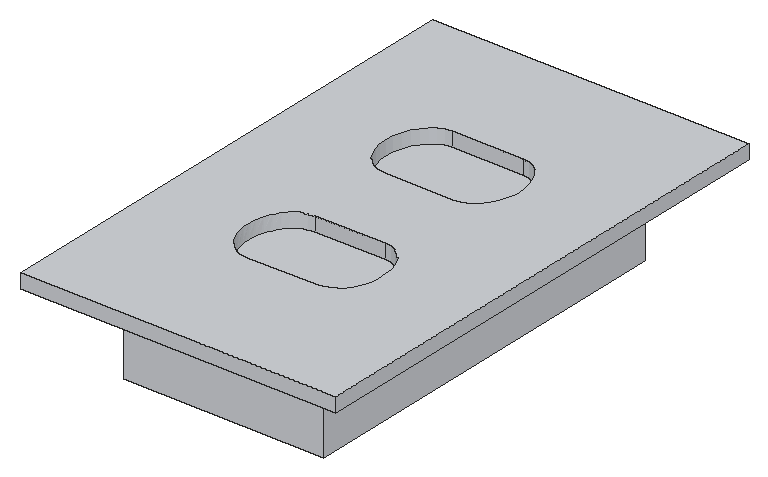
Revit family "Receptacle", category Electrical Fixtures, host Face, Revit 2025
Family settings
  Host = Face
  Round Connector Dimension = Use Diameter
  Part Type = Junction Box
  Cut with Voids When Loaded = No
  Maintain Annotation Orientation = Yes
  Shared = No
  Room Calculation Point = No
Parameters (values of type "Duplex")
  x = 0.74588"
  Width = 2 3/4"
  Quadd = no
  Height = 4 1/2"
  er = 0.27848"
  Depth = 1/8"
  Cut Distance = 0"
  Count = 1
  Back Depth = 3/4"
  Default Elevation = 48"
  Back Width = Width - Back Margin  # 1 3/4"
  Back Margin = 1"
  Back Height = Height - Back Margin  # 3 1/2"
Types (2): name | Width | Quadd | Cut Distance | Count | Back Width
  Duplex | 2 3/4" | no | 0" | 1 | 1 3/4"
  Two Duplex | 5 1/2" | yes | 1" | 2 | 4 1/2"
Reference planes (in)
  plane 1 "Center (Front/Back)": y = 0
  plane 2: z = 0
  plane 3 "Center (Left/Right)": x = 0
  plane 4: z = 0.125
  plane 5: z = -0.75
  plane 6: y = 0.75
  plane 7: x = -0.30682
  plane 8: x = 0.30682
  plane 9: y = -0.75
  plane 10: x = 0
  plane 11: y = 0.75
  plane 12: x = -0.30682
  plane 13: x = 0.30682
  plane 14: y = -0.75
  plane 15: x = 0
Forms (in)
  Extrusion 1, solid
    sketch origin (0, 0, 0) x (1, 0, 0) y (0, 1, 0)
      loop
        line (-1.375, 2.25) -> (-1.375, -2.25) -> (1.375, -2.25) -> (1.375, 2.25) -> (-1.375, 2.25)
    from 0 to 0.125
  Extrusion 2, solid
    sketch origin (0, 0, 0) x (1, 0, 0) y (0, 1, 0)
      loop
        line (-0.875, 1.75) -> (-0.875, -1.75) -> (0.875, -1.75) -> (0.875, 1.75) -> (-0.875, 1.75)
    from 0 to -0.75
  Extrusion 3, void
    sketch origin (0, 0, 0) x (1, 0, 0) y (0, 1, 0)
      loop
        spline (-0.30682, 1.12294) -> (-0.3789, 1.11023) -> (-0.44606, 1.07298) -> (-0.50374, 1.01371) -> (-0.54799, 0.93647) -> (-0.57581, 0.84652) -> (-0.5853, 0.75) -> (-0.57581, 0.65348) -> (-0.54799, 0.56353) -> (-0.50374, 0.48629) -> (-0.44606, 0.42702) -> (-0.3789, 0.38977) -> (-0.30682, 0.37706)
        line (-0.30682, 0.37706) -> (0.30682, 0.37706)
        spline (0.30682, 0.37706) -> (0.3789, 0.38977) -> (0.44606, 0.42702) -> (0.50374, 0.48629) -> (0.54799, 0.56353) -> (0.57581, 0.65348) -> (0.5853, 0.75) -> (0.57581, 0.84652) -> (0.54799, 0.93647) -> (0.50374, 1.01371) -> (0.44606, 1.07298) -> (0.3789, 1.11023) -> (0.30682, 1.12294)
        line (0.30682, 1.12294) -> (-0.30682, 1.12294)
      loop
        spline (-0.30682, -0.37706) -> (-0.3789, -0.38977) -> (-0.44606, -0.42702) -> (-0.50374, -0.48629) -> (-0.54799, -0.56353) -> (-0.57581, -0.65348) -> (-0.5853, -0.75) -> (-0.57581, -0.84652) -> (-0.54799, -0.93647) -> (-0.50374, -1.01371) -> (-0.44606, -1.07298) -> (-0.3789, -1.11023) -> (-0.30682, -1.12294)
        line (-0.30682, -1.12294) -> (0.30682, -1.12294)
        spline (0.30682, -1.12294) -> (0.3789, -1.11023) -> (0.44606, -1.07298) -> (0.50374, -1.01371) -> (0.54799, -0.93647) -> (0.57581, -0.84652) -> (0.5853, -0.75) -> (0.57581, -0.65348) -> (0.54799, -0.56353) -> (0.50374, -0.48629) -> (0.44606, -0.42702) -> (0.3789, -0.38977) -> (0.30682, -0.37706)
        line (0.30682, -0.37706) -> (-0.30682, -0.37706)
    from 0.125 to 0
  Extrusion 4, void
    sketch origin (0, 0, 0) x (1, 0, 0) y (0, 1, 0)
      loop
        spline (-0.30682, 1.12294) -> (-0.3789, 1.11023) -> (-0.44606, 1.07298) -> (-0.50374, 1.01371) -> (-0.54799, 0.93647) -> (-0.57581, 0.84652) -> (-0.5853, 0.75) -> (-0.57581, 0.65348) -> (-0.54799, 0.56353) -> (-0.50374, 0.48629) -> (-0.44606, 0.42702) -> (-0.3789, 0.38977) -> (-0.30682, 0.37706)
        line (-0.30682, 0.37706) -> (0.30682, 0.37706)
        spline (0.30682, 0.37706) -> (0.3789, 0.38977) -> (0.44606, 0.42702) -> (0.50374, 0.48629) -> (0.54799, 0.56353) -> (0.57581, 0.65348) -> (0.5853, 0.75) -> (0.57581, 0.84652) -> (0.54799, 0.93647) -> (0.50374, 1.01371) -> (0.44606, 1.07298) -> (0.3789, 1.11023) -> (0.30682, 1.12294)
        line (0.30682, 1.12294) -> (-0.30682, 1.12294)
      loop
        spline (-0.30682, -0.37706) -> (-0.3789, -0.38977) -> (-0.44606, -0.42702) -> (-0.50374, -0.48629) -> (-0.54799, -0.56353) -> (-0.57581, -0.65348) -> (-0.5853, -0.75) -> (-0.57581, -0.84652) -> (-0.54799, -0.93647) -> (-0.50374, -1.01371) -> (-0.44606, -1.07298) -> (-0.3789, -1.11023) -> (-0.30682, -1.12294)
        line (-0.30682, -1.12294) -> (0.30682, -1.12294)
        spline (0.30682, -1.12294) -> (0.3789, -1.11023) -> (0.44606, -1.07298) -> (0.50374, -1.01371) -> (0.54799, -0.93647) -> (0.57581, -0.84652) -> (0.5853, -0.75) -> (0.57581, -0.65348) -> (0.54799, -0.56353) -> (0.50374, -0.48629) -> (0.44606, -0.42702) -> (0.3789, -0.38977) -> (0.30682, -0.37706)
        line (0.30682, -0.37706) -> (-0.30682, -0.37706)
    from 0.125 to 0
Cuts and joins
  Extrusion 3, Extrusion 4 cuts Extrusion 1
  Extrusion 3, Extrusion 4 cuts Extrusion 2
Dimensions and locks (in)
  equal spacing: Extrusion 1 sketch curve, plane 3 "Center (Left/Right)", Extrusion 1 sketch curve
  "Width": Extrusion 1 sketch curve to Extrusion 1 sketch curve
  "Height": Extrusion 1 sketch curve to Extrusion 1 sketch curve
  equal spacing: Extrusion 1 sketch curve, plane 1 "Center (Front/Back)", Extrusion 1 sketch curve
  "Depth": plane 4 to plane 2
  "Back Depth": plane 2 to plane 5
  plane 6 to plane 1 "Center (Front/Back)" = 3/4"
  equal spacing: Extrusion 3 sketch curve, plane 6, Extrusion 3 sketch curve
  "x": Extrusion 3 sketch curve to Extrusion 3 sketch curve  (x2)
  equal spacing: Extrusion 3 sketch curve, plane 9, Extrusion 3 sketch curve
  "er": Extrusion 3 sketch curve to Extrusion 3 sketch curve  (x4)
  equal spacing: Extrusion 2 sketch curve, plane 3 "Center (Left/Right)", Extrusion 2 sketch curve
  equal spacing: Extrusion 2 sketch curve, plane 1 "Center (Front/Back)", Extrusion 2 sketch curve
  "Back Height": Extrusion 2 sketch curve to Extrusion 2 sketch curve
  "Back Width": Extrusion 2 sketch curve to Extrusion 2 sketch curve
  equal spacing: Extrusion 4 sketch curve, plane 11, Extrusion 4 sketch curve
  "x": Extrusion 4 sketch curve to Extrusion 4 sketch curve  (x2)
  equal spacing: Extrusion 4 sketch curve, plane 14, Extrusion 4 sketch curve
  "er": Extrusion 4 sketch curve to Extrusion 4 sketch curve  (x4)
  group 1 to group 2 = 0"  (x3)
  "Cut Distance": plane 10 to plane 3 "Center (Left/Right)"
  "Cut Distance": plane 3 "Center (Left/Right)" to plane 15
  aligned and locked: plane 2 to host face
  aligned and locked: level to host face
  aligned and locked: plane 4 to Extrusion 1
  aligned and locked: Extrusion 2 to plane 5
  aligned and locked: plane 7 to Extrusion 3 sketch curve  (x4)
  aligned and locked: plane 8 to Extrusion 3 sketch curve  (x3)
  aligned and locked: Extrusion 1 to Extrusion 3
  aligned and locked: Extrusion 3 to level
  aligned and locked: plane 12 to Extrusion 4 sketch curve  (x4)
  aligned and locked: plane 13 to Extrusion 4 sketch curve  (x3)
Automatic sketch dimensions
  host sketch curve to host sketch curve = 96"  (x2)
Nested families (in)
  nested 1: "Wall Mounted" at (0, 0, 0), type "Standard"
Connectors (in)
  electrical at (0, 0, 0.125)
    settings: on Extrusion 1, index 1, voltage 0 V, apparent load 0 VA, apparent load phase1 0 VA, apparent load phase2 0 VA, apparent load phase3 0 VA, power factor 1, load classification "Other", number of poles 1, system type 31, power factor state 1, is connector primary yes, connector utility no, sub classification motor no, connector description ""
Definition of nested family "Wall Mounted"
  Parameters (values of type "Standard")
    Two Duplex = yes
    Diameter = 59/256"
    Center Height = Diameter * 1.5 * 0.6  # 0.20742"
  Reference planes (in)
    plane 1: y = 0
    plane 2: x = 0
  Lines and regions (in)
    detail lines
      curve 1: line (-0.03552, 0.30625, 0) -> (-0.03552, 0, 0)
      curve 2: line (0.03552, 0.30625, 0) -> (0.03552, 0, 0)
      curve 5: circle (0, 0.19662, 0) r 0.11523 normal (0, 0, 1)
    reference lines
      curve 3: line (-0.21695, 0, 0) -> (0.23487, 0, 0)
      curve 4: line (-0.125, 0.20742, 0) -> (0.41836, 0.20742, 0)
      curve 7: line (-0.15472, 0.3862, 0) -> (-0.15472, 0.10585, 0)
      curve 8: line (0.15472, 0.39433, 0) -> (0.15472, 0.11398, 0)
    detail lines, visible <- "Two Duplex"
      curve 6: line (-0.15472, 0.24281, 0) -> (0.15472, 0.24281, 0)
      curve 9: line (-0.15472, 0.17203, 0) -> (0.15472, 0.17203, 0)
  Dimensions and locks (in)
    curve 1 to curve 2 = 0.07104"
    "Center Height": plane 1 to curve 4
    equal spacing: curve 1, plane 2, curve 2
    equal spacing: curve 7, plane 2, curve 8
    equal spacing: curve 9, curve 4, curve 6
    aligned and locked: curve 3 to curve 2
    aligned and locked: curve 3 to curve 1
    aligned and locked: curve 8 to curve 6
    aligned and locked: curve 7 to curve 6
    aligned and locked: curve 8 to curve 9
    aligned and locked: curve 7 to curve 9
  Automatic sketch dimensions
    curve 5 to plane 2 = 0"
    curve 5 to plane 1 = 0.19662"
    curve 1 to plane 2 = 0.03552"
    curve 9 to curve 5 = 0.02459"
    curve 5 to curve 1 = 0.10962"
    plane 1 to curve 3 = 0"
    curve 3 to plane 2 = 0.21695"
    curve 7 to plane 2 = 0.15472"
    curve 7 to curve 4 = 0.02972"
    curve 8 to curve 3 = 0.08015"
    curve 3 to curve 4 = 0.18349"
    curve 7 to curve 4 = 13/128"
    curve 8 to plane 1 = 0.11398"
    curve 4 to curve 7 = 0.17878"
    curve 8 to curve 8 = 0.28035"
